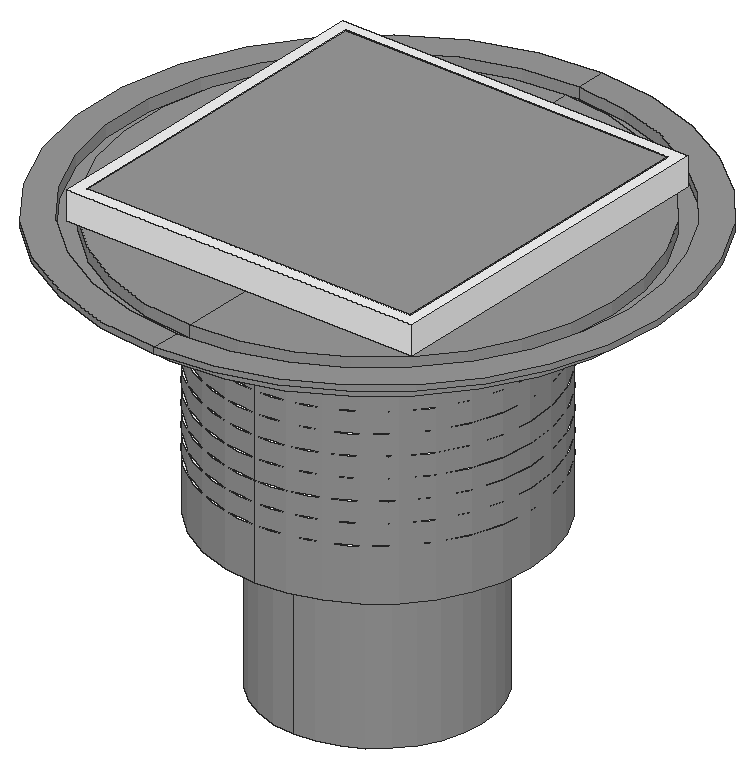
Revit family "_02HL_RU_Floor drain_HL310Prblue", category Instalační zařizovací předměty, Revit 2021
Family settings
  Kóta kulaté spojky = Použít průměr
  Typ dílu = Normální
  Číslo OmniClass = 23.70.50.21.24.14
  Nadpis OmniClass = Deck Waste Water Drains
  Založené na pracovní rovině = Ne
  Vždy vertikální = Ano
  Ořezat dutým tvarem při načtení = Ne
  Sdílené = Ano
  Bod výpočtu místnosti = Ano
Parameters (values of type "HL310Prblue")
  РЕШЁТКА = "115 x 115 mm / V2A"
  РАЗМЕР = "DN50/75/110"
  ПРОПУСКНАЯ СПОСОБНОСТЬ [instance] = 0.0 L/s
  ПРОИЗВОДИТЕЛЬНОСТЬ = "0,5 l/s"
  ПРАВОВАЯ ИНФОРМАЦИЯ = "Авторские права(©), права на дизайн или какие либо другие права интелектуальной собственности являются исключительной собственностью компании HL Hutterer & Lechner. Изменению не подлежит. Файл семейства с данными о прозводителе изделия защищен паролем с водяным знаком."  # constant formula
  Нормы = "EN 1253-8"
  НОМИНАЛЬНЫЙ ДИАМЕТР = 50 mm
  НАСАДКА = "12-70 mm / 123 x 123 mm / PP"
  МАТЕРИАЛ = "PP, ABS, V2A"
  МАКСИМАЛЬНАЯ НАГРУЗКА КЛАССА = "K3 - 300 kg"
  ВЫСОТА МОНТАЖА = "163 mm"
  ВЕС = "0,71 [kg]"
  Výrobce = "HL Hutterer & Lechner GmbH"  # constant formula
  EAN = "9003076051991"
  Výchozí výška = 0 mm
  URL = "https://www.hutterer-lechner.com/ru/products/catalog/Floor-drains/vertical/flange/HL310prblue.aspx"
  Tile Material [instance] = none
  Přípoj ventilace = no
  Přípoj odpadních dílů = yes
  Přípoj HW = no
  Přípoj CW = no
  Popis = "Трап для внутренних помещений"
  Model = "HL310Prblue"
  Assembly Code = " "
  Komentáře k typům = "Трап для внутренних помещений DN50/75/110 вертикальный с запахозапирающим устройством Primus blue, 123х123мм/115х115мм."
  Keynote = "HL310Prblue"
  IH [instance] = Высота монтажа 1 + Высота монтажа 2  # 12 mm
  Высота монтажа 2 [instance] = 0 mm
  Высота монтажа 1 [instance] = 12 mm
  G [instance] = 180.00°  # constant formula
  D [instance] = if(НОМИНАЛЬНЫЙ ДИАМЕТР = 110 mm, IH - 5 mm, IH + 51 mm)  # 63 mm
  C [instance] = if(IH - 68 mm < 0 mm, 0 mm, IH - 68 mm)  # 0 mm
  B [instance] = 100 mm
  A [instance] = if(B - 100 mm > 15 mm, B - 100 mm, 15 mm)  # 15 mm
Reference planes
  plane 1 "Center (Front/Back)": y = 0
  plane 2: z = 0
  plane 3 "Center (Left/Right)": x = 0
  plane 4: z = -100
  plane 5: z = -12
  plane 6: z = -12
Lines and regions (mm)
  model lines, style "InvisibleLines"
    curve 1: line (0, 0, 0) -> (0, 0, 20)
  model lines, style "PlumbingFixtures", detail levels coarse+medium
    curve 2: line (0, 0, -100) -> (0, 0, -85)
    curve 3: line (0, 0, -85) -> (-85, 0, 0)
    curve 4: line (0, 0, -85) -> (85, 0, 0)
    curve 6: line (0, 0, -100) -> (0, 0, -163)
  reference lines, not visible
    curve 5: line (0, 0, -100) -> (0, 0, -163)
  symbolic lines, style "PlumbingFixtures", detail levels coarse+medium
    curve 7: line (-75, 75, 0) -> (75, 75, 0)
    curve 8: line (-75, -75, 0) -> (-75, 75, 0)
    curve 9: line (75, -75, 0) -> (-75, -75, 0)
    curve 10: line (75, 75, 0) -> (75, -75, 0)
    curve 11: line (-75, 75, 0) -> (-145.711, 145.711, 0)
    curve 12: line (75, 75, 0) -> (145.711, 145.711, 0)
    curve 13: line (-75, -75, 0) -> (-145.711, -145.711, 0)
    curve 14: line (75, -75, 0) -> (145.711, -145.711, 0)
  symbolic lines, style "PlumbingFixtures", not visible, detail levels coarse+medium
    curve 15: line (-75, 75, 0) -> (75, 75, 0)
    curve 16: line (-75, -75, 0) -> (-75, 75, 0)
    curve 17: line (75, -75, 0) -> (-75, -75, 0)
    curve 18: line (75, 75, 0) -> (75, -75, 0)
    curve 19: line (-75, 75, 0) -> (-145.711, 145.711, 0)
    curve 20: line (75, 75, 0) -> (145.711, 145.711, 0)
    curve 21: line (-75, -75, 0) -> (-145.711, -145.711, 0)
    curve 22: line (75, -75, 0) -> (145.711, -145.711, 0)
Text (mm)
  text "FLOOR" at (-162.344, 0, -10.979), in view "вид строительства"
Dimensions and locks
  "B": plane 2 to plane 4
  "IH": plane 2 to plane 5
  "A": curve 4 to plane 4
  "D": curve 5 to curve 5
  "D": curve 6 to curve 6
  "Высота монтажа 1": plane 2 to plane 6
  plane 2 to nested 4 = 7.5 mm
  locked: curve 4 to plane 3 "Center (Left/Right)" (angle 45.00°)
  locked: plane 3 "Center (Left/Right)" to curve 3 (angle 45.00°)
  "G": angle curve 5 to plane 3 "Center (Left/Right)"
  aligned and locked: level to plane 2
  aligned and locked: plane 2 to curve 4
  aligned and locked: plane 2 to curve 3
  aligned and locked: plane 4 to curve 5
  aligned and locked: plane 3 "Center (Left/Right)" to curve 5
  aligned and locked: plane 4 to curve 2
  aligned and locked: plane 3 "Center (Left/Right)" to curve 6
  aligned and locked: plane 4 to curve 6
  aligned and locked: plane 3 "Center (Left/Right)" to nested 1
  aligned and locked: plane 1 "Center (Front/Back)" to nested 1
  aligned and locked: plane 1 "Center (Front/Back)" to nested 2
  aligned and locked: plane 3 "Center (Left/Right)" to nested 2
  aligned and locked: plane 1 "Center (Front/Back)" to nested 3
  aligned and locked: plane 3 "Center (Left/Right)" to nested 3
  aligned and locked: plane 1 "Center (Front/Back)" to nested 4
  aligned and locked: plane 3 "Center (Left/Right)" to nested 4
  aligned and locked: plane 5 to nested 1
Automatic sketch dimensions
  curve 2 to plane 3 "Center (Left/Right)" = 0 mm
  curve 1 to plane 3 "Center (Left/Right)" = 0 mm
  curve 1 to level = 0 mm
  level to curve 1 = 20 mm
Nested families
  nested 1: "HL-Корпус для трапа внутренних помещений-HL310K" at (0, 0, -12), type "HL310K_Main Component"
  nested 2: "HL-Насадка-HL037N.2E" at (0, 0, 0), type "HL037N.2E_Main Component"
    with Высота монтажа 70 mm, RN 11, RL 71.5 mm, R yes, NL_Test yes, NL 90 mm
  nested 3: "HL_Решётка_HL037Pr.1E" at (0, 0, 0), type "HL037Pr.1E_Main Component"
  nested 4: "HL-Вкладыш сифона-HL0510.12E" at (0, 0, -7.5), type "HL0510.12E"
Connectors
  piping at (0, 0, -163), diameter 50, driven by "ПРОПУСКНАЯ СПОСОБНОСТЬ", driven by "НОМИНАЛЬНЫЙ ДИАМЕТР"
    settings: on curve 5, index 1, connector inside diameter 609.6 mm, connector length 0 mm, flow factor 0, pipe flow 0.0 L/s, pressure drop 0.0 Pa, fitting loss kfactor 0, connector angle 0.00°, fixture units 0, engagement length 0 mm, angle of deflection 0.00°, flow configuration 1, flow direction 2, fitting loss method 0, system type 16, joint type 0, gender type 0, connector reference index -1, connector utility 0, adjustable connector yes, is connector primary yes, connector description ""
Definition of nested family "HL-Корпус для трапа внутренних помещений-HL310K"
  Parameters (values of type "HL310K")
    РАЗМЕР = "DN50/75/110"
    ПРАВОВАЯ ИНФОРМАЦИЯ = "Авторские права(©), права на дизайн или какие либо другие права интелектуальной собственности являются исключительной собственностью компании HL Hutterer & Lechner. Изменению не подлежит. Файл семейства с данными о прозводителе изделия защищен паролем с водяным знаком."  # constant formula
    МАТЕРИАЛ = "PP"
    ВЫСОТА МОНТАЖА = "148 mm"
    ВЕС = "0,173 [kg]"
    Waste Connection = yes
    Default Elevation = 0 mm
    Vent Connection = no
    Manufacturer = "HL Hutterer & Lechner GmbH"  # constant formula
    URL = "https://www.hutterer-lechner.com/ru/products/catalog/Floor-drains/vertical/flange/HL310K.aspx"
    Assembly Code = ""
    HW Connection = no
    Description = "Трап для внутренних помещений"
    Model = "HL310K"
    Type Comments = "Корпус трапа для внутренних помещений DN50/75/110 вертикальный"
    Keynote = "HL310K"
    EAN = "9003076001781"
    CW Connection = no
  Reference planes
    plane 1 "Center (Front/Back)": y = 0
    plane 2: z = 0
    plane 3 "Center (Left/Right)": x = 0
    plane 4 "Ball Joint Vertical": x = 25.45
  Forms (mm)
    Revolve 1, solid, detail levels fine
      sketch origin (0, 0, 0) x (0, 1, 0) y (0, 0, 1)
        loop
          line (55.057, 0) -> (55.057, -20) -> (52.707, -20) -> (52.707, -92.996) -> (22.706, -92.996) -> (22.706, -95.159) -> (22.706, -151) -> (24.707, -151) -> (24.707, -95.159) -> (35.206, -95.159) -> (35.206, -151) -> (37.207, -151) -> (37.207, -95) -> (54.705, -95) -> (54.705, -24) -> (58.059, -24) -> (58.059, -7.5) -> (92.707, -7.5) -> (92.707, -2) -> (99.706, -2) -> (99.706, 0) -> (89.707, 0) -> (89.707, -4) -> (83.707, -4) -> (83.707, 0) -> (55.057, 0)
        axis (0, 0) -> (0, -151)
      angle from 0 to 360
  Text (mm)
    text "ROOF/FLOOR" at (-198.233, 0, -26.556), in view "вид строительства"
  Dimensions and locks
    locked: plane 4 "Ball Joint Vertical" to plane 3 "Center (Left/Right)" at 25.45
    aligned and locked: level to plane 2
Definition of nested family "HL-Насадка-HL037N.2E"
  Parameters (values of type "HL037N.2E")
    РАЗМЕР = "d 110 mm"
    ПРАВОВАЯ ИНФОРМАЦИЯ = "Авторские права(©), права на дизайн или какие либо другие права интелектуальной собственности являются исключительной собственностью компании HL Hutterer & Lechner. Изменению не подлежит. Файл семейства с данными о прозводителе изделия защищен паролем с водяным знаком."  # constant formula
    НАСАДКА = "123x123mm"
    МАТЕРИАЛ = "PP"
    Высота монтажа [instance] = 70 mm
    ВЫСОТА МОНТАЖА = "12-70mm"
    ВЕС = "0,08 [kg]"
    Waste Connection = yes
    Default Elevation = 0 mm
    Vent Connection = no
    RD = 6.5 mm  # constant formula
    R [instance] = ((Высота монтажа - NL_Min) / RD - 1) > 2  # yes
    RL [instance] = if(Высота монтажа < 18 mm, 1 mm, RD * RN)  # 71.5 mm
    NL_Test [instance] = and(or(Высота монтажа < NL_Max, Высота монтажа = NL_Max), or(Высота монтажа > NL_Min, Высота монтажа = NL_Min))  # yes
    NL_Min = 12 mm
    NL_Max = 70 mm
    NL [instance] = if(NL_Test, Высота монтажа + 20 mm, 0 mm)  # 90 mm
    RN [instance] = if((Высота монтажа + 20 mm - NL_Min) / RD - 1 < 2, 2, (Высота монтажа + 20 mm - NL_Min) / RD - 1)  # 11
    Manufacturer = "HL Hutterer & Lechner GmbH"  # constant formula
    URL = "http://www.hutterer-lechner.com/ru/products/catalog/floor-drains/attachments/HL037pr.11e.aspx"
    HW Connection = no
    Description = "Трапы для внутренних помещений - Комплектующие"
    Model = "HL037N.2E"
    Type Comments = "HL037N.2E Насадные подрамники d 110мм/90мм/123х123мм с О-кольцом"
    Keynote = "HL037N.2E"
    EAN = "9003076015290"
    CW Connection = no
  Reference planes
    plane 1 "Center (Front/Back)": y = 0
    plane 2: z = 0
    plane 3 "Center (Left/Right)": x = 0
    plane 4 "Ball Joint Vertical": x = 25.45
    plane 5: z = -90
  Forms (mm)
    Extrusion 1, solid, detail levels fine
      sketch origin (0, 0, 0) x (1, 0, 0) y (0, 1, 0)
        loop
          line (-61.5, 61.5) -> (-61.5, -61.5) -> (61.5, -61.5) -> (61.5, 61.5) -> (-61.5, 61.5)
      from -10 to 0
    Extrusion 2, solid, detail levels fine
      sketch origin (0, 0, 0) x (1, 0, 0) y (0, 1, 0)
        loop
          circle (0, 0) r 51.744
      from -90 to -10
    Extrusion 3, void
      sketch origin (0, 0, 0) x (1, 0, 0) y (0, 1, 0)
        loop
          line (-57.5, 57.5) -> (-57.5, -57.5) -> (57.5, -57.5) -> (57.5, 57.5) -> (-57.5, 57.5)
      from 0 to -8
  Cuts and joins
    Extrusion 3 cuts Extrusion 1
  Lines and regions (mm)
    symbolic lines
      curve 1: line (0, 0, -90) -> (0, 0, 0)
    model lines
      curve 2: line (0, 0, 0) -> (0, 0, 100)
  Text (mm)
    text "ROOF/FLOOR" at (-198.233, 0, -26.556), in view "Drain Construction View"
  Dimensions and locks
    locked: plane 4 "Ball Joint Vertical" to plane 3 "Center (Left/Right)" at 25.45
    "NL": plane 2 to plane 5
    equal spacing: group 1, group 3, group 4, group 5, group 6, group 7, group 8, group 9, group 10, group 11, group 2  (x3)
    "RL": nested 2 to nested 1
    locked: nested 1 to plane 5 at 1.516
    aligned and locked: level to plane 2
    aligned and locked: plane 3 "Center (Left/Right)" to nested 1
    aligned and locked: plane 1 "Center (Front/Back)" to nested 1
    aligned and locked: plane 2 to curve 1
    aligned and locked: plane 5 to curve 1
    aligned and locked: Extrusion 2 to plane 5
  Automatic sketch dimensions
    Extrusion 1 sketch curve to plane 3 "Center (Left/Right)" = 61.5 mm
    plane 4 "Ball Joint Vertical" to Extrusion 1 sketch curve = 36.05 mm
    plane 1 "Center (Front/Back)" to Extrusion 1 sketch curve = 61.5 mm
    Extrusion 1 sketch curve to plane 1 "Center (Front/Back)" = 61.5 mm
    plane 1 "Center (Front/Back)" to Extrusion 2 sketch curve = 0 mm
    Extrusion 2 sketch curve to plane 3 "Center (Left/Right)" = 0 mm
    Extrusion 3 sketch curve to plane 3 "Center (Left/Right)" = 57.5 mm
    plane 4 "Ball Joint Vertical" to Extrusion 3 sketch curve = 32.05 mm
    plane 1 "Center (Front/Back)" to Extrusion 3 sketch curve = 57.5 mm
    Extrusion 3 sketch curve to plane 1 "Center (Front/Back)" = 57.5 mm
    curve 2 to plane 3 "Center (Left/Right)" = 0 mm
    level to curve 2 = 100 mm
    radius of Extrusion 2 sketch curve = 51.744 mm
  Nested families
    nested 1: "Ring" at (0, 0, -88.484), visible <- "R", type "Ring"
    nested 2: "Ring" at (0, 0, -16.984), visible <- "R", type "Ring"
    nested 3: "Ring" at (0, 0, -81.334), visible <- "R", type "Ring"
    nested 4: "Ring" at (0, 0, -74.184), visible <- "R", type "Ring"
    nested 5: "Ring" at (0, 0, -67.034), visible <- "R", type "Ring"
    nested 6: "Ring" at (0, 0, -59.884), visible <- "R", type "Ring"
    nested 7: "Ring" at (0, 0, -52.734), visible <- "R", type "Ring"
    nested 8: "Ring" at (0, 0, -45.584), visible <- "R", type "Ring"
    nested 9: "Ring" at (0, 0, -38.434), visible <- "R", type "Ring"
    nested 10: "Ring" at (0, 0, -31.284), visible <- "R", type "Ring"
    nested 11: "Ring" at (0, 0, -24.134), visible <- "R", type "Ring"
  Definition of nested family "Ring"
    Parameters (values of type "Ring")
      Manufacturer = ""
      Default Elevation = 0 mm
      URL = ""
      R = D / 2  # 51.5 mm
      Description = ""
      Model = ""
      Material = none
      Type Comments = ""
      D = 103 mm
      Cost = 0
    Reference planes
      plane 1 "Střed (vpředu/vzadu)": y = 0
      plane 2: z = 0
      plane 3 "Střed (vlevo/vpravo)": x = 0
    Forms (mm)
      Revolve 1, solid, material <- "Material", detail levels fine
        sketch origin (0, 0, 0) x (1, 0, 0) y (0, 0, 1)
          loop
            line (-51.5, 1.482) -> (-54.764, 0) -> (-51.5, -1.516) -> (-51.5, 1.482)
          axis (0, 1.482) -> (0, -1.516)
        angle from 0 to 360
    Dimensions and locks
      "R": Revolve 1 sketch curve to plane 3 "Střed (vlevo/vpravo)"
      aligned and locked: level to plane 2
      aligned and locked: Revolve 1 sketch curve to plane 3 "Střed (vlevo/vpravo)"
    Automatic sketch dimensions
      Revolve 1 sketch curve to level = 0 mm
      Revolve 1 sketch curve to Revolve 1 sketch curve = 3.264 mm
      Revolve 1 sketch curve to level = 1.516 mm
      level to Revolve 1 sketch curve = 1.482 mm
      Revolve 1 sketch curve to level = 381 mm
      Revolve 1 sketch curve to Revolve 1 sketch curve = 2212.833 mm
Definition of nested family "HL_Решётка_HL037Pr.1E"
  Parameters (values of type "HL037Pr.1E")
    РАЗМЕР = "115x115mm"
    ПРАВОВАЯ ИНФОРМАЦИЯ = "Авторские права(©), права на дизайн или какие либо другие права интелектуальной собственности являются исключительной собственностью компании HL Hutterer & Lechner. Изменению не подлежит. Файл семейства с данными о прозводителе изделия защищен паролем с водяным знаком."  # constant formula
    МАТЕРИАЛ = "V2A"
    МАКСИМАЛЬНАЯ НАГРУЗКА КЛАССА = "K3 - 300 kg"
    ВЕС = "0,15 [kg]"
    Waste Connection = yes
    Default Elevation = 0 mm
    Vent Connection = no
    Manufacturer = "HL Hutterer & Lechner GmbH"  # constant formula
    URL = "http://www.hutterer-lechner.com/ru/products/catalog/floor-drains/attachments/HL037pr.1e.aspx"
    HW Connection = no
    Description = "Трапы для внутренних помещений - Комплектующие"
    Model = "HL037Pr.1E"
    Type Comments = "HL037Pr.1E Решётка из нержавеющей стали 115х115 мм"
    Keynote = "HL037Pr.1E"
    EAN = "9003076028474"
    CW Connection = no
  Reference planes
    plane 1 "Center (Front/Back)": y = 0
    plane 2: z = 0
    plane 3 "Center (Left/Right)": x = 0
    plane 4 "Ball Joint Vertical": x = 25.45
  Forms (mm)
    Extrusion 1, solid, detail levels fine
      sketch origin (0, 0, 0) x (1, 0, 0) y (0, 1, 0)
        loop
          line (57.5, 57.5) -> (-57.5, 57.5) -> (-57.5, -57.5) -> (57.5, -57.5) -> (57.5, 57.5)
      from 0 to -5
  Lines and regions (mm)
    model lines, detail levels fine
      curve 1: spline (-13.927, 0, 0) -> (-13.452, 1.165, 0) -> (-12.061, 2.25, 0) -> (-9.848, 3.182, 0) -> (-6.964, 3.897, 0) -> (-3.605, 4.347, 0) -> (0, 4.5, 0) -> (3.605, 4.347, 0) -> (6.964, 3.897, 0) -> (9.848, 3.182, 0) -> (12.061, 2.25, 0) -> (13.452, 1.165, 0) -> (13.927, 0, 0) -> (13.452, -1.165, 0) -> (12.061, -2.25, 0) -> (9.848, -3.182, 0) -> (6.964, -3.897, 0) -> (3.605, -4.347, 0) -> (0, -4.5, 0) -> (-3.605, -4.347, 0) -> (-6.964, -3.897, 0) -> (-9.848, -3.182, 0) -> (-12.061, -2.25, 0) -> (-13.452, -1.165, 0) -> (-13.927, 0, 0)
      curve 2: line (-5.9, 0.4, 0) -> (-11.9, 0.4, 0)
      curve 3: line (-3.65, -2, 0) -> (-3.65, 2, 0)
      curve 4: arc (-3.65, 2, 0) -> (-3.15, 2.5, 0) -> (-2.65, 2, 0) r 0.5
      curve 5: line (-2.65, 2, 0) -> (-2.65, 0.5, 0)
      curve 6: line (-2.65, 0.5, 0) -> (-0.65, 0.5, 0)
      curve 7: line (-0.65, 0.5, 0) -> (-0.65, 2, 0)
      curve 8: arc (-0.65, 2, 0) -> (-0.15, 2.5, 0) -> (0.35, 2, 0) r 0.5
      curve 9: line (0.35, 2, 0) -> (0.35, -2, 0)
      curve 10: arc (0.35, -2, 0) -> (-0.15, -2.5, 0) -> (-0.65, -2, 0) r 0.5
      curve 11: line (-0.65, -2, 0) -> (-0.65, -0.5, 0)
      curve 12: line (-0.65, -0.5, 0) -> (-2.65, -0.5, 0)
      curve 13: line (-2.65, -0.5, 0) -> (-2.65, -2, 0)
      curve 14: arc (-2.65, -2, 0) -> (-3.15, -2.5, 0) -> (-3.65, -2, 0) r 0.5
      curve 15: line (1.85, -2, 0) -> (1.85, 2, 0)
      curve 16: arc (1.85, 2, 0) -> (1.996, 2.354, 0) -> (2.35, 2.5, 0) r 0.5
      curve 17: arc (2.35, 2.5, 0) -> (2.704, 2.354, 0) -> (2.85, 2, 0) r 0.5
      curve 18: line (2.85, 2, 0) -> (2.85, -1, 0)
      curve 19: arc (2.85, -1, 0) -> (2.996, -1.354, 0) -> (3.35, -1.5, 0) r 0.5
      curve 20: line (3.35, -1.5, 0) -> (4.35, -1.5, 0)
      curve 21: arc (4.35, -1.5, 0) -> (4.85, -2, 0) -> (4.35, -2.5, 0) r 0.5
      curve 22: line (4.35, -2.5, 0) -> (2.35, -2.5, 0)
      curve 23: arc (2.35, -2.5, 0) -> (1.996, -2.354, 0) -> (1.85, -2, 0) r 0.5
      curve 24: line (12.1, 0.4, 0) -> (6.1, 0.4, 0)
      curve 25: line (-5.9, -0.4, 0) -> (-11.9, -0.4, 0)
      curve 26: line (12.1, -0.4, 0) -> (6.1, -0.4, 0)
      curve 27: line (-5.9, 0.4, 0) -> (-5.9, -0.4, 0)
      curve 28: line (-11.9, 0.4, 0) -> (-11.9, -0.4, 0)
      curve 29: line (6.1, 0.4, 0) -> (6.1, -0.4, 0)
      curve 30: line (12.1, 0.4, 0) -> (12.1, -0.4, 0)
      curve 31: arc (38.029, -24.059, 0) -> (45, 0, 0) -> (38.029, 24.059, 0) r 45
      curve 32: arc (38.029, 24.059, 0) -> (35.09, 25.896, 0) -> (31.82, 24.749, 0) r 4
      curve 33: arc (31.82, 24.749, 0) -> (30.673, 22.362, 0) -> (31.268, 19.782, 0) r 4
      curve 34: arc (31.268, 19.782, 0) -> (37, 0, 0) -> (31.268, -19.782, 0) r 37
      curve 35: arc (31.268, -19.782, 0) -> (30.673, -22.362, 0) -> (31.82, -24.749, 0) r 4
      curve 36: arc (31.82, -24.749, 0) -> (35.09, -25.896, 0) -> (38.029, -24.059, 0) r 4
      curve 37: arc (24.059, 38.029, 0) -> (0, 45, 0) -> (-24.059, 38.029, 0) r 45
      curve 38: arc (-24.059, 38.029, 0) -> (-25.896, 35.09, 0) -> (-24.749, 31.82, 0) r 4
      curve 39: arc (-24.749, 31.82, 0) -> (-22.362, 30.673, 0) -> (-19.782, 31.268, 0) r 4
      curve 40: arc (-19.782, 31.268, 0) -> (0, 37, 0) -> (19.782, 31.268, 0) r 37
      curve 41: arc (19.782, 31.268, 0) -> (22.362, 30.673, 0) -> (24.749, 31.82, 0) r 4
      curve 42: arc (24.749, 31.82, 0) -> (25.896, 35.09, 0) -> (24.059, 38.029, 0) r 4
      curve 43: arc (24.059, -38.029, 0) -> (0, -45, 0) -> (-24.059, -38.029, 0) r 45
      curve 44: arc (-24.059, -38.029, 0) -> (-25.896, -35.09, 0) -> (-24.749, -31.82, 0) r 4
      curve 45: arc (-24.749, -31.82, 0) -> (-22.362, -30.673, 0) -> (-19.782, -31.268, 0) r 4
      curve 46: arc (-19.782, -31.268, 0) -> (0, -37, 0) -> (19.782, -31.268, 0) r 37
      curve 47: arc (19.782, -31.268, 0) -> (22.362, -30.673, 0) -> (24.749, -31.82, 0) r 4
      curve 48: arc (24.749, -31.82, 0) -> (25.896, -35.09, 0) -> (24.059, -38.029, 0) r 4
      curve 49: arc (-38.029, -24.059, 0) -> (-45, 0, 0) -> (-38.029, 24.059, 0) r 45
      curve 50: arc (-38.029, 24.059, 0) -> (-35.09, 25.896, 0) -> (-31.82, 24.749, 0) r 4
      curve 51: arc (-31.82, 24.749, 0) -> (-30.673, 22.362, 0) -> (-31.268, 19.782, 0) r 4
      curve 52: arc (-31.268, 19.782, 0) -> (-37, 0, 0) -> (-31.268, -19.782, 0) r 37
      curve 53: arc (-31.268, -19.782, 0) -> (-30.673, -22.362, 0) -> (-31.82, -24.749, 0) r 4
      curve 54: arc (-31.82, -24.749, 0) -> (-35.09, -25.896, 0) -> (-38.029, -24.059, 0) r 4
    model lines
      curve 55: line (0, 0, 0) -> (0, 0, 100)
  Text (mm)
    text "ROOF/FLOOR" at (-198.233, 0, -26.556), in view "Drain Construction View"
  Dimensions and locks
    locked: plane 4 "Ball Joint Vertical" to plane 3 "Center (Left/Right)" at 25.45
    aligned and locked: level to plane 2
Definition of nested family "HL-Вкладыш сифона-HL0510.12E"
  Parameters (values of type "HL0510.12E")
    ПРАВОВАЯ ИНФОРМАЦИЯ = "Авторские права(©), права на дизайн или какие либо другие права интелектуальной собственности являются исключительной собственностью компании HL Hutterer & Lechner. Изменению не подлежит. Файл семейства с данными о прозводителе изделия защищен паролем с водяным знаком."  # constant formula
    МАТЕРИАЛ = "ABS"
    ВЕС = "0,141 [kg]"
    Waste Connection = yes
    Default Elevation = 0 mm
    Vent Connection = no
    Manufacturer = "HL Hutterer & Lechner GmbH"  # constant formula
    URL = "https://www.hutterer-lechner.com/ru/products/catalog/Floor-drains/HL0510.12E.aspx"
    Assembly Code = "Main Component"
    HW Connection = no
    Description = "Трап для внутренних помещений"
    Model = "HL0510.12E"
    Type Comments = "Вкладыш запахозапирающий Primus blue"
    Keynote = "HL0510.12E"
    EAN = "9003076051946"
    CW Connection = no
  Reference planes
    plane 1 "Center (Front/Back)": y = 0
    plane 2: z = 0
    plane 3 "Center (Left/Right)": x = 0
    plane 4 "Ball Joint Vertical": x = 25.45
  Forms (mm)
    Revolve 1, solid, detail levels fine
      sketch origin (0, 0, 0) x (1, 0, 0) y (0, 0, 1)
        loop
          circle (48.65, -8.59) r 2
        axis (0, -8.59) -> (0, -9.59)
      angle from 0 to 360
    Revolve 2, solid, detail levels fine
      sketch origin (0, 0, 0) x (1, 0, 0) y (0, 0, 1)
        loop
          line (53, 0) -> (44.65, 0) -> (44.65, -18.268) -> (32.15, -18.268) -> (32.15, -3.231) -> (33, -3.231) -> (33, 0) -> (0, 0) -> (0, -80) -> (41.65, -80) -> (41.65, -20.185) -> (46.763, -20.185) -> (46.763, -13.21) -> (49.702, -13.21) -> (49.702, -11.138) -> (46.65, -11.138) -> (46.65, -6.024) -> (49.7, -6.024) -> (49.7, -2) -> (53, -2) -> (53, 0)
        axis (0, 0) -> (0, -80)
      angle from 0 to 360
  Text (mm)
    text "ROOF/FLOOR" at (-198.233, 0, -26.556), in view "вид строительства"
  Dimensions and locks
    locked: plane 4 "Ball Joint Vertical" to plane 3 "Center (Left/Right)" at 25.45
    Revolve 1 sketch curve to plane 3 "Center (Left/Right)" = 48.65 mm
    Revolve 1 sketch curve to level = 8.59 mm
    Revolve 2 sketch curve to plane 3 "Center (Left/Right)" = 33 mm
    Revolve 2 sketch curve to plane 3 "Center (Left/Right)" = 32.15 mm
    plane 3 "Center (Left/Right)" to Revolve 2 sketch curve = 44.65 mm
    Revolve 2 sketch curve to plane 3 "Center (Left/Right)" = 41.65 mm
    Revolve 2 sketch curve to plane 3 "Center (Left/Right)" = 49.702 mm
    plane 3 "Center (Left/Right)" to Revolve 2 sketch curve = 46.65 mm
    Revolve 2 sketch curve to plane 3 "Center (Left/Right)" = 49.7 mm
    Revolve 2 sketch curve to plane 3 "Center (Left/Right)" = 53 mm
    aligned and locked: level to plane 2
    aligned and locked: plane 3 "Center (Left/Right)" to Revolve 1 sketch curve
    aligned and locked: plane 3 "Center (Left/Right)" to Revolve 2 sketch curve
